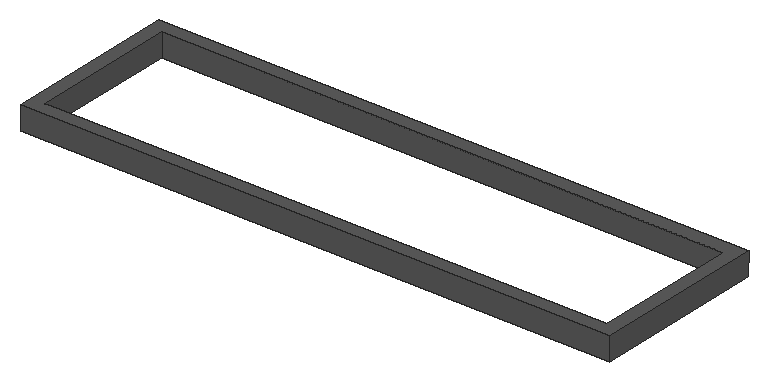
Revit family "FU_Frame_LAP0020", category Furniture, Revit 2022
Family settings
  OmniClass Number = 23.40.20.00
  OmniClass Title = General Furniture and Specialties
  Work Plane-Based = No
  Always vertical = Yes
  Cut with Voids When Loaded = No
  Render Appearance Source = Family Geometry
  Shared = No
  Room Calculation Point = No
Parameters (values of type "LAP0020")
  Width = 1290 mm
  URL = "https://www.sandlerseating.com/product/lapse-0020-2/"
  Model = "LAP0020"
  Manufacturer = "Sandler"
  Height = 50 mm
  Frame [instance] = Epoxy - M1_B00 - Black
  Description = "2-seat frame in the Lapse modular seating range that can be customized with a variety of modular elements and epoxy finishes."
  Depth = 380 mm
  Default Elevation = 0 mm
Reference planes
  plane 1 "Center (Front/Back)": y = 0
  plane 2: z = 0
  plane 3 "Center (Left/Right)": x = 0
  plane 4 "Right": x = -645
  plane 5 "Left": x = 645
  plane 6 "Back": y = 190
  plane 7 "Front": y = -190
  plane 8 "Height": z = 333
  plane 9 "Frame Base": z = 283
  plane 10 "Frame Inner Right": x = -615
  plane 11 "Frame Inner Back": y = 160
  plane 12 "Frame Inner Left": x = 615
  plane 13 "Frame Inner Front": y = -160
Forms (mm)
  Extrusion 1, solid, material "Epoxy - M1_B00 - Black" <- "Frame"
    sketch origin (0, 0, 283) x (-1, 0, 0) y (0, -1, 0)
      loop
        line (645, -190) -> (645, 190) -> (-645, 190) -> (-645, -190) -> (645, -190)
      loop
        line (615, -160) -> (615, 160) -> (-615, 160) -> (-615, -160) -> (615, -160)
    from 0 to 50
Dimensions and locks
  equal spacing: plane 4 "Right", plane 3 "Center (Left/Right)", plane 5 "Left"
  "Width": plane 4 "Right" to plane 5 "Left"
  equal spacing: plane 6 "Back", plane 1 "Center (Front/Back)", plane 7 "Front"
  "Depth": plane 6 "Back" to plane 7 "Front"
  plane 8 "Height" to level = 333 mm
  "Height": plane 8 "Height" to plane 9 "Frame Base"
  locked: plane 13 "Frame Inner Front" to plane 7 "Front" at 30
  locked: plane 4 "Right" to plane 10 "Frame Inner Right" at 30
  locked: plane 12 "Frame Inner Left" to plane 5 "Left" at 30
  locked: plane 6 "Back" to plane 11 "Frame Inner Back" at 30
  aligned and locked: Extrusion 1 sketch curve to plane 6 "Back"
  aligned and locked: Extrusion 1 sketch curve to plane 4 "Right"
  aligned and locked: plane 7 "Front" to Extrusion 1 sketch curve
  aligned and locked: plane 5 "Left" to Extrusion 1 sketch curve
  aligned and locked: Extrusion 1 sketch curve to plane 11 "Frame Inner Back"
  aligned and locked: plane 10 "Frame Inner Right" to Extrusion 1 sketch curve
  aligned and locked: Extrusion 1 sketch curve to plane 13 "Frame Inner Front"
  aligned and locked: plane 12 "Frame Inner Left" to Extrusion 1 sketch curve
  aligned and locked: plane 8 "Height" to Extrusion 1
  aligned and locked: Extrusion 1 to plane 8 "Height"  (x3)
  aligned and locked: Extrusion 1 to plane 9 "Frame Base"
  aligned and locked: plane 9 "Frame Base" to Extrusion 1  (x2)
